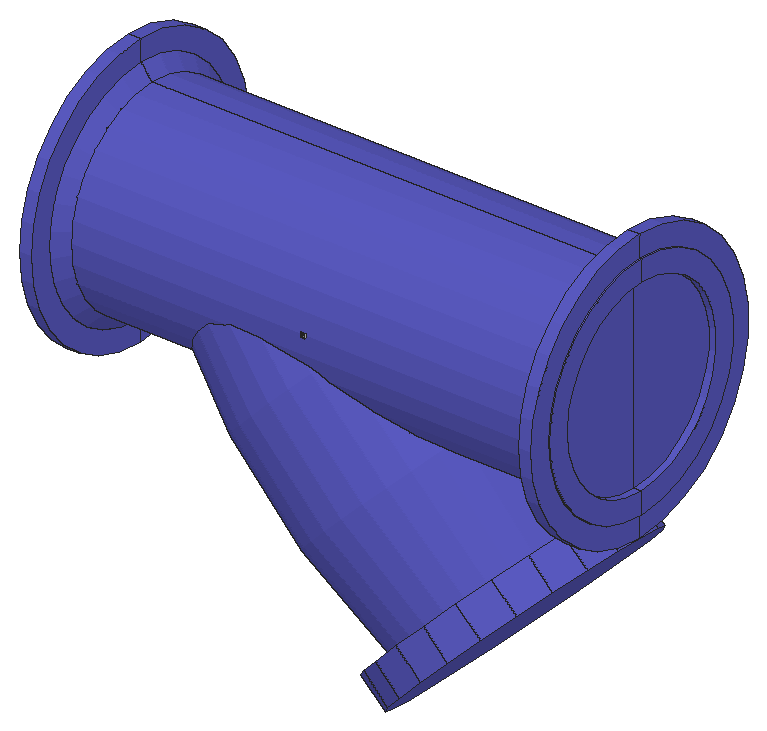
Revit family "Фильтр-грязевик 4111", category Rohrzubehör, Revit 2020
Family settings
  Bemaßung runder Anschluss = Durchmesser verwenden
  Teiletyp = Unterbricht
  OmniClass-Nummer = 23.65.55.14
  OmniClass-Titel = Valves for Liquid Services
  Arbeitsebenenbasiert = Nein
  Immer vertikal = Ja
  Beim Laden mit Abzugskörper schneiden = Nein
  Gemeinsam genutzt = Nein
Parameters
  Уплотнения = "Klingerit"  # constant formula
  Среда = "Качество теплоносителя в соответствии с ÖNORM H5195 и/или предписаниями VDI-Standard 2035.\r\nРазрешается использование смеси этилен или пропиленгликоля в соотношении 25-50% с водой."
  Область применения = "Применяются в системах тепло- и холодоснабжения."
  Номер заказа [instance] = size_lookup("4111_F_", "Artnr", 0, Nennweite)  # 4411190
  Мин. рабочая температура = -10 °C  # constant formula
  Макс. рабочая температура = 120 °C  # constant formula
  Корпус = "GG25"  # constant formula
  Вес [instance] = size_lookup("4111_F_", "Gew", 0, Nennweite)  # 505
  Болты [instance] = if(Nennweite = 50.000 mm, "4x M16x60", if(Nennweite = 65.000 mm, "4x M16x60", if(Nennweite = 80.000 mm, "8x M16x65", if(Nennweite = 100.000 mm, "8x M16x65", if(Nennweite = 125.000 mm, "8x M16x70", if(Nennweite = 150.000 mm, "8x M20x70", if(Nennweite = 200.000 mm, "12x M20x75", if(Nennweite = 250.000 mm, "12x M24x85", if(Nennweite = 300.000 mm, "12x M24x85", if(Nennweite = 350.000 mm, "16x M24x90", "16x M27x100"))))))))))  # "16x M27x100"
  Vorgabe-Ansicht = 0.000 mm
  PN = 1600000.0 Pa  # constant formula
  kvs [instance] = if(Nennweite = 50.000 mm, 51, if(Nennweite = 65.000 mm, 70, if(Nennweite = 80.000 mm, 114, if(Nennweite = 100.000 mm, 197, if(Nennweite = 125.000 mm, 271, if(Nennweite = 150.000 mm, 349, if(Nennweite = 200.000 mm, 449, if(Nennweite = 250.000 mm, 994, if(Nennweite = 300.000 mm, 1566, if(Nennweite = 350.000 mm, 2461, 3645))))))))))  # 3645
  Крепление фильтрующего элемента = "Нержавеющая сталь"  # constant formula
  W02 = 45.00°  # constant formula
  W01 = 140.00°  # constant formula
  Уплотнение заглушки = "Медь"  # constant formula
  Заглушка = "Сталь St37"  # constant formula
  URL = "www.herz-armaturen.ru"
  SCRNSEQ = "AWI;AWI_TYP=\"1011\";2"
  SCRNCODE = "05;15;02"  # constant formula
  S01 [instance] = 2 * FLD01  # 580.000 mm
  R02 [instance] = size_lookup("4111_F_", "R2", 1.000 mm, Nennweite)  # 221.000 mm
  R01 [instance] = size_lookup("4111_F_", "R1", 1.000 mm, Nennweite)  # 250.000 mm
  Nennweite [instance] = 400.000 mm
  L02 [instance] = size_lookup("4111_F_", "L2", 1.000 mm, Nennweite)  # 301.000 mm
  Hersteller = "HERZ Armaturen Ges.m.b.H."  # constant formula
  L01 [instance] = size_lookup("4111_F_", "L1", 1.000 mm, Nennweite)  # 550.000 mm
  H01 [instance] = size_lookup("4111_F_", "H1", 1.000 mm, Nennweite)  # 479.500 mm
  Фильтрующий элемент (DN50-DN80) = "AISI 304, размер ячейки 600 мкм"  # constant formula
  Фильтрующий элемент (DN100-DN400) = "AISI 304, размер ячейки 1500 мкм"  # constant formula
  FLL02 [instance] = size_lookup("4111_F_", "FLL2", 1.000 mm, Nennweite)  # 30.000 mm
  FLL01 [instance] = size_lookup("4111_F_", "FLL1", 1.000 mm, Nennweite)  # 4.000 mm
  FLD02 [instance] = size_lookup("4111_F_", "FLD2", 1.000 mm, Nennweite)  # 245.000 mm
  FLD01 [instance] = size_lookup("4111_F_", "FLD1", 1.000 mm, Nennweite)  # 290.000 mm
  DN80 [instance] = Nennweite = 80.000 mm  # no
  DN65 [instance] = Nennweite = 65.000 mm  # no
  DN50 [instance] = Nennweite = 50.000 mm  # no
  DN400 [instance] = Nennweite = 400.000 mm  # yes
  DN350 [instance] = Nennweite = 350.000 mm  # no
  DN300 [instance] = Nennweite = 300.000 mm  # no
  DN250 [instance] = Nennweite = 250.000 mm  # no
  DN200 [instance] = Nennweite = 200.000 mm  # no
  DN150 [instance] = Nennweite = 150.000 mm  # no
  DN125 [instance] = Nennweite = 125.000 mm  # no
  DN100 [instance] = Nennweite = 100.000 mm  # no
  DN [instance] = Nennweite / 2  # 200.000 mm
  D01 [instance] = size_lookup("4111_F_", "D1", 1.000 mm, Nennweite)  # 216.000 mm
  Крышка = "GG25"  # constant formula
Reference planes
  plane 1 "Mitte (Vorne/hinten)": y = 0
  plane 2: z = 0
  plane 3 "Mitte (Links/rechts)": x = 0
Forms (mm)
  Revolve 1, solid, material "Herz-Marineblau", detail levels fine
    sketch origin (0, 0, 0) x (1, 0, 0) y (0, 0, 1)
      loop
        line (-546, 245) -> (-550, 245) -> (-550, 200) -> (-533.79, 200) -> (-533.79, 0) -> (533.79, 0) -> (533.79, 200) -> (550, 200) -> (550, 245) -> (546, 245) -> (546, 290) -> (520, 290) -> (520, 234.5) -> (504.477, 216) -> (-495.666, 216) -> (-520, 245) -> (-520, 290) -> (-546, 290) -> (-546, 245)
      axis (-550, 0) -> (550, 0)
    angle from 0 to 360
  Revolve 2, solid, material "Herz-Marineblau", detail levels fine
    sketch origin (0, 0, 0) x (1, 0, 0) y (0, 0, 1)
      loop
        line (-230.5, 0) -> (-371.921, -141.421)
        arc (-371.921, -141.421) -> (-167.867, -415.168) -> (92.729, -635.771) r 1502.314
        line (92.729, -635.771) -> (249, -479.5) -> (-230.5, 0)
      axis (-230.5, 0) -> (249, -479.5)
    angle from 0 to 360
  Extrusion 3, solid, material "Herz-Marineblau", visible <- "DN50", detail levels fine
    sketch origin (12, 0, -74) x (0, 1, 0) y (0.707107, 0, 0.707107)
      loop
        arc (50, 40) -> (47.071, 47.071) -> (40, 50) r 10
        line (40, 50) -> (-40, 50)
        arc (-40, 50) -> (-47.071, 47.071) -> (-50, 40) r 10
        line (-50, 40) -> (-50, -40)
        arc (-50, -40) -> (-47.071, -47.071) -> (-40, -50) r 10
        line (-40, -50) -> (40, -50)
        arc (40, -50) -> (47.071, -47.071) -> (50, -40) r 10
        line (50, -40) -> (50, 40)
    from 30.5 to 0
  Extrusion 4, solid, material "Herz-Marineblau", visible <- "DN65", detail levels fine
    sketch origin (17, 0, -102.5) x (0, 1, 0) y (0.707107, 0, 0.707107)
      loop
        line (-60, 40) -> (-60, -40)
        arc (-60, -40) -> (-54.142, -54.142) -> (-40, -60) r 20
        line (-40, -60) -> (40, -60)
        arc (40, -60) -> (54.142, -54.142) -> (60, -40) r 20
        line (60, -40) -> (60, 40)
        arc (60, 40) -> (54.142, 54.142) -> (40, 60) r 20
        line (40, 60) -> (-40, 60)
        arc (-40, 60) -> (-54.142, 54.142) -> (-60, 40) r 20
    from 33 to 0
  Extrusion 5, solid, material "Herz-Marineblau", visible <- "DN80", detail levels fine
    sketch origin (44, 0, -118) x (0, 1, 0) y (0.707107, 0, 0.707107)
      loop
        line (-67, 47) -> (-67, -47)
        arc (-67, -47) -> (-61.142, -61.142) -> (-47, -67) r 20
        line (-47, -67) -> (47, -67)
        arc (47, -67) -> (61.142, -61.142) -> (67, -47) r 20
        line (67, -47) -> (67, 47)
        arc (67, 47) -> (61.142, 61.142) -> (47, 67) r 20
        line (47, 67) -> (-47, 67)
        arc (-47, 67) -> (-61.142, 61.142) -> (-67, 47) r 20
    from 34 to 0
  Extrusion 6, solid, material "Herz-Marineblau", visible <- "DN100", detail levels fine
    sketch origin (43, -449.258, -142) x (0, 1, 0) y (0.707107, 0, 0.707107)
      loop
        line (544.008, 0) -> (531.314, 47.375) -> (496.633, 82.056) -> (449.258, 94.75) -> (401.883, 82.056) -> (367.203, 47.375) -> (354.508, 0) -> (367.203, -47.375) -> (401.883, -82.056) -> (449.258, -94.75) -> (496.633, -82.056) -> (531.314, -47.375) -> (544.008, 0)
    from 35.5 to 0
  Extrusion 7, solid, material "Herz-Marineblau", visible <- "DN125", detail levels fine
    sketch origin (54, -422.813, -170) x (0, 1, 0) y (0.707107, 0, 0.707107)
      loop
        line (535.313, 0) -> (520.241, 56.25) -> (479.063, 97.428) -> (422.813, 112.5) -> (366.563, 97.428) -> (325.386, 56.25) -> (310.313, 0) -> (325.386, -56.25) -> (366.563, -97.428) -> (422.813, -112.5) -> (479.063, -97.428) -> (520.241, -56.25) -> (535.313, 0)
    from 44.5 to 0
  Extrusion 8, solid, material "Herz-Marineblau", visible <- "DN150", detail levels fine
    sketch origin (61.5, -490.074, -187.5) x (0, 1, 0) y (0.707107, 0, 0.707107)
      loop
        line (621.324, 0) -> (603.739, 65.625) -> (555.699, 113.666) -> (490.074, 131.25) -> (424.449, 113.666) -> (376.408, 65.625) -> (358.824, 0) -> (376.408, -65.625) -> (424.449, -113.666) -> (490.074, -131.25) -> (555.699, -113.666) -> (603.739, -65.625) -> (621.324, 0)
    from 44.7 to 0
  Extrusion 9, solid, material "Herz-Marineblau", visible <- "DN200", detail levels fine
    sketch origin (82, -429.19, -249) x (0, 1, 0) y (0.707107, 0, 0.707107)
      loop
        line (588.19, 0) -> (566.888, 79.5) -> (508.69, 137.698) -> (429.19, 159) -> (349.69, 137.698) -> (291.492, 79.5) -> (270.19, 0) -> (291.492, -79.5) -> (349.69, -137.698) -> (429.19, -159) -> (508.69, -137.698) -> (566.888, -79.5) -> (588.19, 0)
    from 47 to 0
  Extrusion 10, solid, material "Herz-Marineblau", visible <- "DN250", detail levels fine
    sketch origin (109.5, -496.545, -300) x (0, 1, 0) y (0.707107, 0, 0.707107)
      loop
        line (686.545, 0) -> (680.071, 49.176) -> (661.09, 95) -> (630.895, 134.35) -> (591.545, 164.545) -> (545.72, 183.526) -> (496.545, 190) -> (447.369, 183.526) -> (401.545, 164.545) -> (362.194, 134.35) -> (332, 95) -> (313.019, 49.176) -> (306.545, 0) -> (313.019, -49.176) -> (332, -95) -> (362.194, -134.35) -> (401.545, -164.545) -> (447.369, -183.526) -> (496.545, -190) -> (545.72, -183.526) -> (591.545, -164.545) -> (630.895, -134.35) -> (661.09, -95) -> (680.071, -49.176) -> (686.545, 0)
    from 56.5 to 0
  Extrusion 11, solid, material "Herz-Marineblau", visible <- "DN300", detail levels fine
    sketch origin (82, 617.078, -333) x (0, 1, 0) y (0.707107, 0, 0.707107)
      loop
        line (-390.078, 0) -> (-397.813, 58.752) -> (-420.49, 113.5) -> (-456.565, 160.513) -> (-503.578, 196.588) -> (-558.326, 219.265) -> (-617.078, 227) -> (-675.83, 219.265) -> (-730.578, 196.588) -> (-777.591, 160.513) -> (-813.666, 113.5) -> (-836.343, 58.752) -> (-844.078, 0) -> (-836.343, -58.752) -> (-813.666, -113.5) -> (-777.591, -160.513) -> (-730.578, -196.588) -> (-675.83, -219.265) -> (-617.078, -227) -> (-558.326, -219.265) -> (-503.578, -196.588) -> (-456.565, -160.513) -> (-420.49, -113.5) -> (-397.813, -58.752) -> (-390.078, 0)
    from 61 to 0
  Extrusion 12, solid, material "Herz-Marineblau", visible <- "DN350", detail levels fine
    sketch origin (211, 802.601, -476) x (0, 1, 0) y (0.707107, 0, 0.707107)
      loop
        line (-547.601, 0) -> (-556.29, 65.999) -> (-581.764, 127.5) -> (-622.288, 180.312) -> (-675.101, 220.836) -> (-736.602, 246.311) -> (-802.601, 255) -> (-868.6, 246.311) -> (-930.101, 220.836) -> (-982.913, 180.312) -> (-1023.437, 127.5) -> (-1048.912, 65.999) -> (-1057.601, 0) -> (-1048.912, -65.999) -> (-1023.437, -127.5) -> (-982.913, -180.312) -> (-930.101, -220.836) -> (-868.6, -246.311) -> (-802.601, -255) -> (-736.602, -246.311) -> (-675.101, -220.836) -> (-622.288, -180.312) -> (-581.764, -127.5) -> (-556.29, -65.999) -> (-547.601, 0)
    from 73 to 0
  Extrusion 13, solid, material "Herz-Marineblau", visible <- "DN400", detail levels fine
    sketch origin (249, 812.573, -479.5) x (0, 1, 0) y (0.707107, 0, 0.707107)
      loop
        line (-532.573, 0) -> (-542.114, 72.469) -> (-570.086, 140) -> (-614.583, 197.99) -> (-672.573, 242.487) -> (-740.104, 270.459) -> (-812.573, 280) -> (-885.042, 270.459) -> (-952.573, 242.487) -> (-1010.563, 197.99) -> (-1055.06, 140) -> (-1083.032, 72.469) -> (-1092.573, 0) -> (-1083.032, -72.469) -> (-1055.06, -140) -> (-1010.563, -197.99) -> (-952.573, -242.487) -> (-885.042, -270.459) -> (-812.573, -280) -> (-740.104, -270.459) -> (-672.573, -242.487) -> (-614.583, -197.99) -> (-570.086, -140) -> (-542.114, -72.469) -> (-532.573, 0)
    from 74 to 0
Lines and regions (mm)
  model lines, detail levels coarse+medium
    curve 1: line (-550, 0, 290) -> (550, 0, 290)
    curve 2: line (-550, 0, -290) -> (-550, 0, 290)
    curve 3: line (550, 0, -290) -> (-550, 0, -290)
    curve 4: line (550, 0, 290) -> (550, 0, -290)
    curve 5: line (550, 0, -290) -> (-550, 0, 290)
    curve 6: line (-550, 290, 0) -> (550, 290, 0)
    curve 7: line (-550, -290, 0) -> (-550, 290, 0)
    curve 8: line (550, -290, 0) -> (-550, -290, 0)
    curve 9: line (550, 290, 0) -> (550, -290, 0)
    curve 10: line (550, -290, 0) -> (-550, 290, 0)
Dimensions and locks
  "FLD01": Revolve 1 sketch curve to plane 2  (x2)
  "FLD02": Revolve 1 sketch curve to plane 2  (x3)
  "DN": Revolve 1 sketch curve to plane 2  (x2)
  "L01": Revolve 1 sketch curve to plane 3 "Mitte (Links/rechts)"  (x2)
  "FLL01": Revolve 1 sketch curve to Revolve 1 sketch curve  (x2)
  "FLL02": Revolve 1 sketch curve to Revolve 1 sketch curve  (x2)
  "D01": Revolve 1 sketch curve to plane 2  (x2)
  "H01": plane 2 to Revolve 2 sketch curve
  "L02": Revolve 2 sketch curve to Revolve 1
  "R02": Revolve 2 sketch curve to Revolve 2 sketch curve
  "DN": Revolve 2 sketch curve to Revolve 2 sketch curve
  "D01": nested 1 to plane 1 "Mitte (Vorne/hinten)"
  "L01": plane 3 "Mitte (Links/rechts)" to curve 2
  "L01": plane 3 "Mitte (Links/rechts)" to curve 4
  equal spacing: curve 5, plane 2, curve 3
  "S01": curve 1 to curve 3
  equal spacing: curve 8, plane 1 "Mitte (Vorne/hinten)", curve 6
  "S01": curve 8 to curve 6
  "L01": curve 7 to plane 3 "Mitte (Links/rechts)"
  "L01": plane 3 "Mitte (Links/rechts)" to curve 9
  "R01": Revolve 2 sketch curve to Revolve 2 sketch curve
  "W01": angle Revolve 1 sketch curve to Revolve 1 sketch curve  (x2)
  "W02": angle Revolve 2 sketch curve to plane 2
  aligned and locked: level to plane 2
Automatic sketch dimensions
  plane 1 "Mitte (Vorne/hinten)" to Extrusion 3 sketch curve = 50.000 mm
  Extrusion 3 sketch curve to Extrusion 3 sketch curve = 10.000 mm  (x3)
  Extrusion 3 sketch curve to plane 1 "Mitte (Vorne/hinten)" = 40.000 mm  (x2)
  Extrusion 3 sketch curve to Extrusion 3 sketch curve = 80.000 mm
  plane 1 "Mitte (Vorne/hinten)" to Extrusion 4 sketch curve = 60.000 mm
  Extrusion 4 sketch curve to Extrusion 4 sketch curve = 20.000 mm  (x3)
  Extrusion 4 sketch curve to plane 1 "Mitte (Vorne/hinten)" = 40.000 mm  (x2)
  Extrusion 4 sketch curve to Extrusion 4 sketch curve = 80.000 mm
  plane 1 "Mitte (Vorne/hinten)" to Extrusion 5 sketch curve = 67.000 mm
  Extrusion 5 sketch curve to Extrusion 5 sketch curve = 20.000 mm  (x3)
  Extrusion 5 sketch curve to plane 1 "Mitte (Vorne/hinten)" = 47.000 mm  (x2)
  Extrusion 5 sketch curve to Extrusion 5 sketch curve = 94.000 mm
  Extrusion 6 sketch curve to plane 1 "Mitte (Vorne/hinten)" = 0.000 mm  (x2)
  plane 1 "Mitte (Vorne/hinten)" to Extrusion 6 sketch curve = 47.375 mm  (x2)
  Extrusion 6 sketch curve to Extrusion 6 sketch curve = 34.681 mm  (x8)
  Extrusion 6 sketch curve to Extrusion 6 sketch curve = 12.694 mm  (x5)
  Extrusion 6 sketch curve to plane 1 "Mitte (Vorne/hinten)" = 47.375 mm  (x2)
  Extrusion 6 sketch curve to Extrusion 6 sketch curve = 47.375 mm  (x4)
  Extrusion 7 sketch curve to plane 1 "Mitte (Vorne/hinten)" = 0.000 mm  (x2)
  plane 1 "Mitte (Vorne/hinten)" to Extrusion 7 sketch curve = 56.250 mm  (x2)
  Extrusion 7 sketch curve to Extrusion 7 sketch curve = 41.178 mm  (x8)
  Extrusion 7 sketch curve to Extrusion 7 sketch curve = 15.072 mm  (x5)
  Extrusion 7 sketch curve to plane 1 "Mitte (Vorne/hinten)" = 56.250 mm  (x2)
  Extrusion 7 sketch curve to Extrusion 7 sketch curve = 56.250 mm  (x4)
  Extrusion 8 sketch curve to plane 1 "Mitte (Vorne/hinten)" = 0.000 mm  (x2)
  plane 1 "Mitte (Vorne/hinten)" to Extrusion 8 sketch curve = 65.625 mm  (x2)
  Extrusion 8 sketch curve to Extrusion 8 sketch curve = 48.041 mm  (x8)
  Extrusion 8 sketch curve to Extrusion 8 sketch curve = 17.584 mm  (x5)
  Extrusion 8 sketch curve to plane 1 "Mitte (Vorne/hinten)" = 65.625 mm  (x2)
  Extrusion 8 sketch curve to Extrusion 8 sketch curve = 65.625 mm  (x4)
  Extrusion 9 sketch curve to plane 1 "Mitte (Vorne/hinten)" = 0.000 mm  (x2)
  plane 1 "Mitte (Vorne/hinten)" to Extrusion 9 sketch curve = 79.500 mm  (x2)
  Extrusion 9 sketch curve to Extrusion 9 sketch curve = 58.198 mm  (x8)
  Extrusion 9 sketch curve to Extrusion 9 sketch curve = 21.302 mm  (x5)
  Extrusion 9 sketch curve to plane 1 "Mitte (Vorne/hinten)" = 79.500 mm  (x2)
  Extrusion 9 sketch curve to Extrusion 9 sketch curve = 79.500 mm  (x4)
  Extrusion 10 sketch curve to plane 1 "Mitte (Vorne/hinten)" = 0.000 mm  (x2)
  plane 1 "Mitte (Vorne/hinten)" to Extrusion 10 sketch curve = 49.176 mm  (x2)
  Extrusion 10 sketch curve to Extrusion 10 sketch curve = 45.824 mm  (x8)
  Extrusion 10 sketch curve to Extrusion 10 sketch curve = 39.350 mm  (x8)
  Extrusion 10 sketch curve to Extrusion 10 sketch curve = 30.195 mm  (x8)
  Extrusion 10 sketch curve to Extrusion 10 sketch curve = 18.981 mm  (x8)
  Extrusion 10 sketch curve to Extrusion 10 sketch curve = 6.474 mm  (x5)
  Extrusion 10 sketch curve to plane 1 "Mitte (Vorne/hinten)" = 49.176 mm  (x2)
  Extrusion 10 sketch curve to Extrusion 10 sketch curve = 49.176 mm  (x4)
  Extrusion 11 sketch curve to plane 1 "Mitte (Vorne/hinten)" = 0.000 mm  (x2)
  plane 1 "Mitte (Vorne/hinten)" to Extrusion 11 sketch curve = 58.752 mm  (x2)
  Extrusion 11 sketch curve to Extrusion 11 sketch curve = 54.748 mm  (x8)
  Extrusion 11 sketch curve to Extrusion 11 sketch curve = 47.013 mm  (x8)
  Extrusion 11 sketch curve to Extrusion 11 sketch curve = 36.075 mm  (x8)
  Extrusion 11 sketch curve to Extrusion 11 sketch curve = 22.677 mm  (x8)
  Extrusion 11 sketch curve to Extrusion 11 sketch curve = 7.735 mm  (x5)
  Extrusion 11 sketch curve to plane 1 "Mitte (Vorne/hinten)" = 58.752 mm  (x2)
  Extrusion 11 sketch curve to Extrusion 11 sketch curve = 58.752 mm  (x4)
  Extrusion 12 sketch curve to plane 1 "Mitte (Vorne/hinten)" = 0.000 mm  (x2)
  plane 1 "Mitte (Vorne/hinten)" to Extrusion 12 sketch curve = 65.999 mm  (x2)
  Extrusion 12 sketch curve to Extrusion 12 sketch curve = 61.501 mm  (x8)
  Extrusion 12 sketch curve to Extrusion 12 sketch curve = 52.812 mm  (x8)
  Extrusion 12 sketch curve to Extrusion 12 sketch curve = 40.524 mm  (x8)
  Extrusion 12 sketch curve to Extrusion 12 sketch curve = 25.475 mm  (x8)
  Extrusion 12 sketch curve to Extrusion 12 sketch curve = 8.689 mm  (x5)
  Extrusion 12 sketch curve to plane 1 "Mitte (Vorne/hinten)" = 65.999 mm  (x2)
  Extrusion 12 sketch curve to Extrusion 12 sketch curve = 65.999 mm  (x4)
  Extrusion 13 sketch curve to plane 1 "Mitte (Vorne/hinten)" = 0.000 mm  (x2)
  plane 1 "Mitte (Vorne/hinten)" to Extrusion 13 sketch curve = 72.469 mm  (x2)
  Extrusion 13 sketch curve to Extrusion 13 sketch curve = 67.531 mm  (x8)
  Extrusion 13 sketch curve to Extrusion 13 sketch curve = 57.990 mm  (x8)
  Extrusion 13 sketch curve to Extrusion 13 sketch curve = 44.497 mm  (x8)
  Extrusion 13 sketch curve to Extrusion 13 sketch curve = 27.972 mm  (x8)
  Extrusion 13 sketch curve to Extrusion 13 sketch curve = 9.541 mm  (x5)
  Extrusion 13 sketch curve to plane 1 "Mitte (Vorne/hinten)" = 72.469 mm  (x2)
  Extrusion 13 sketch curve to Extrusion 13 sketch curve = 72.469 mm  (x4)
  Revolve 1 sketch curve to level = 0.000 mm  (x2)
  Revolve 1 sketch curve to Revolve 1 sketch curve = 16.210 mm  (x2)
  Revolve 1 sketch curve to Revolve 1 sketch curve = 15.523 mm
  Revolve 1 sketch curve to Revolve 1 sketch curve = 1391.530 mm
  Revolve 1 sketch curve to Revolve 1 sketch curve = 1724.148 mm
  Revolve 2 sketch curve to level = 0.000 mm  (x2)
  Revolve 2 sketch curve to Revolve 2 sketch curve = 0.000 mm  (x3)
Nested families
  nested 1: "Herz-Logo-vorne" at (0, -216, 0) x (0, -1, 0) z (0, 0, 1), type "Herz-Logo-vorne", detail levels fine
Connectors
  piping at (-550, 0, 0), diameter 400, driven by "Nennweite"
    settings: on Revolve 1, index 1, connector inside diameter 609.6 mm, connector length 0.000 mm, flow factor 0, pipe flow 0.0 L/s, pressure drop 0.0 Pa, fitting loss kfactor 0, connector angle 0.00°, fixture units 0, engagement length 0.000 mm, angle of deflection 0.00°, flow configuration 0, flow direction 1, fitting loss method 0, system type 29, joint type 0, gender type 0, connector reference index -1, connector utility 0, adjustable connector no, is connector primary yes, connector description ""
  piping at (550, 0, 0), diameter 400, driven by "Nennweite"
    settings: on Revolve 1, index 2, connector inside diameter 609.6 mm, connector length 0.000 mm, flow factor 0, pipe flow 0.0 L/s, pressure drop 0.0 Pa, fitting loss kfactor 0, connector angle 0.00°, fixture units 0, engagement length 0.000 mm, angle of deflection 0.00°, flow configuration 0, flow direction 2, fitting loss method 0, system type 29, joint type 0, gender type 0, connector reference index -1, connector utility 0, adjustable connector no, is connector primary no, connector description ""
Definition of nested family "Herz-Logo-vorne"
  Parameters (values of type "Herz-Logo-vorne")
    Default Elevation = 0.000 mm
  Reference planes
    plane 1 "Mitte (Vorne/hinten)": y = 0
    plane 2: z = 0
    plane 3 "Mitte (Links/rechts)": x = 0
  Forms (mm)
    Extrusion 1, solid
      sketch origin (0.732, -0.018, 0.017) x (0, -1, 0) y (0, 0, 1)
        loop
          line (-0.018, -4.517) -> (4.482, -4.517) -> (4.482, 4.483) -> (-4.518, 4.483) -> (-4.518, -4.517) -> (-0.018, -4.517)
        loop
          line (-0.05, -3.48) -> (3.482, -3.48) -> (3.482, 3.483) -> (-3.518, 3.483) -> (-3.518, -3.48) -> (-0.05, -3.48)
        loop
          arc (-0.018, 2.383) -> (-1.543, 3.287) -> (-3.067, 2.383) r 1.738
          arc (-3.067, 2.383) -> (-3.191, 1.899) -> (-3.067, 1.415) r 1.009
          line (-3.067, 1.415) -> (-0.018, -3.281) -> (3.032, 1.415)
          arc (3.032, 1.415) -> (3.156, 1.899) -> (3.032, 2.383) r 1.009
          arc (3.032, 2.383) -> (1.507, 3.287) -> (-0.018, 2.383) r 1.738
        loop
          arc (1.885, 1.272) -> (2.005, 1.675) -> (1.885, 2.079) r 0.74
          arc (1.885, 2.079) -> (1.265, 2.416) -> (0.644, 2.079) r 0.74
          line (0.644, 2.079) -> (-0.018, 0.97) -> (-0.679, 2.079)
          arc (-0.679, 2.079) -> (-1.3, 2.416) -> (-1.921, 2.079) r 0.74
          arc (-1.921, 2.079) -> (-2.04, 1.675) -> (-1.921, 1.272) r 0.74
          line (-1.921, 1.272) -> (-0.018, -1.658) -> (1.885, 1.272)
      from 0 to 1.5
  Dimensions and locks
    aligned and locked: level to plane 2
